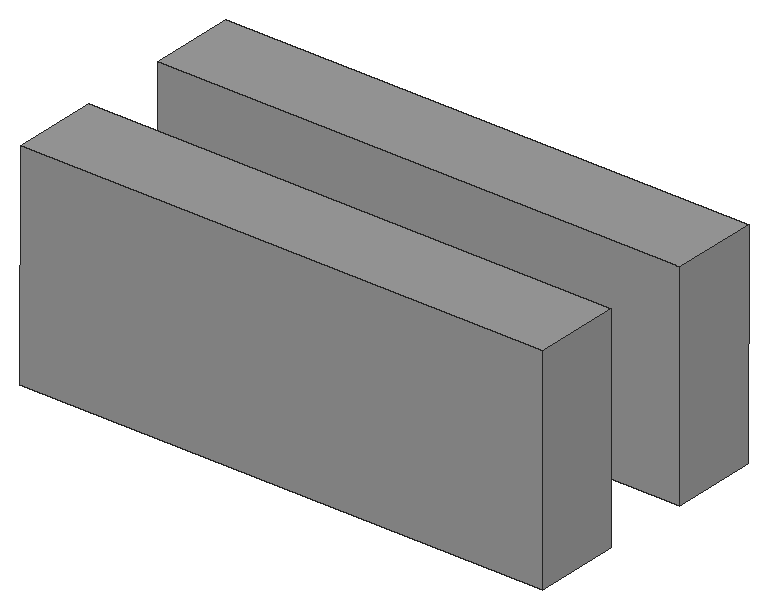
Revit family "figlio2", category Generic Models, Revit 2019
Family settings
  Can host rebar = No
  Round Connector Dimension = Use Diameter
  Part Type = Normal
  Cut with Voids When Loaded = No
  Shared = No
  Room Calculation Point = No
Parameters
  b2 = 10 cm
  a2 = A / 2  # 20 cm
  RAZMAK = 20 cm
  built-in parameter 1001306 [instance] = 121.92 cm
  H2 = 100 cm
  A = RAZMAK + 2 * b2  # 40 cm
Reference planes (cm)
  plane 1 "Center (Front/Back)": y = 0
  plane 2: z = 0
  plane 3 "Left": x = 0
  plane 4 "Right": x = 121.92
  plane 5: y = -20
  plane 6: y = 20
Lines and regions (cm)
  reference lines
    curve 1: line (0, 0, 0) -> (121.92, 0, 0)
Dimensions and locks (cm)
  "built-in parameter 1001306": plane 3 "Left" to plane 4 "Right"
  "a2": plane 1 "Center (Front/Back)" to plane 5
  "a2": plane 6 to plane 1 "Center (Front/Back)"
  aligned and locked: plane 4 "Right" to curve 1
  aligned and locked: plane 1 "Center (Front/Back)" to curve 1
  aligned and locked: plane 3 "Left" to curve 1
  aligned and locked: level to plane 2
  aligned and locked: nested 1 to plane 5
  aligned and locked: plane 3 "Left" to nested 1
  aligned and locked: plane 4 "Right" to nested 1
  aligned and locked: nested 2 to plane 6
  aligned and locked: plane 3 "Left" to nested 2
  aligned and locked: plane 4 "Right" to nested 2
  aligned and locked: level to nested 1
  aligned and locked: level to nested 2
Nested families (cm)
  nested 1: "figlio1" at (0, -20, 25), type "figlio1"
    with built-in parameter 1001306 121.92 cm
  nested 2: "figlio1" at (0, 20, 25), type "figlio1"
    with built-in parameter 1001306 121.92 cm
Definition of nested family "figlio1"
  Parameters (values of type "figlio1")
    legno = none
    b = 20 cm
    h = 50 cm
    h/2 = h / 2  # 25 cm
    b/2 = b / 2  # 10 cm
    built-in parameter 1001306 [instance] = 121.92 cm
  Reference planes (cm)
    plane 1 "Center (Front/Back)": y = 0
    plane 2: z = 0
    plane 3 "Left": x = 0
    plane 4 "Right": x = 121.92
    plane 5: y = -10
    plane 6: z = 25
    plane 7: y = 10
    plane 8: z = -25
  Forms (cm)
    Extrusion 1, solid, material <- "legno"
      sketch origin (0, 0, 0) x (0, 1, 0) y (0, 0, 1)
        loop
          line (10, 25) -> (-10, 25) -> (-10, -25) -> (10, -25) -> (10, 25)
      from 0 to 121.92
  Lines and regions (cm)
    reference lines
      curve 1: line (0, 0, 0) -> (121.92, 0, 0)
  Dimensions and locks (cm)
    "built-in parameter 1001306": plane 3 "Left" to plane 4 "Right"
    "h/2": plane 6 to level
    "b/2": plane 1 "Center (Front/Back)" to plane 5
    "b/2": plane 7 to plane 1 "Center (Front/Back)"
    "h/2": level to plane 8
    aligned and locked: plane 4 "Right" to curve 1
    aligned and locked: plane 1 "Center (Front/Back)" to curve 1
    aligned and locked: plane 3 "Left" to curve 1
    aligned and locked: level to plane 2
    aligned and locked: plane 6 to Extrusion 1
    aligned and locked: plane 5 to Extrusion 1
    aligned and locked: plane 4 "Right" to Extrusion 1
    aligned and locked: Extrusion 1 to plane 7
    aligned and locked: Extrusion 1 to plane 8
  Automatic sketch dimensions
    plane 5 to Extrusion 1 sketch curve = 0 cm
    Extrusion 1 sketch curve to plane 1 "Center (Front/Back)" = 10 cm
    Extrusion 1 sketch curve to level = 25 cm
    plane 6 to Extrusion 1 sketch curve = 0 cm
